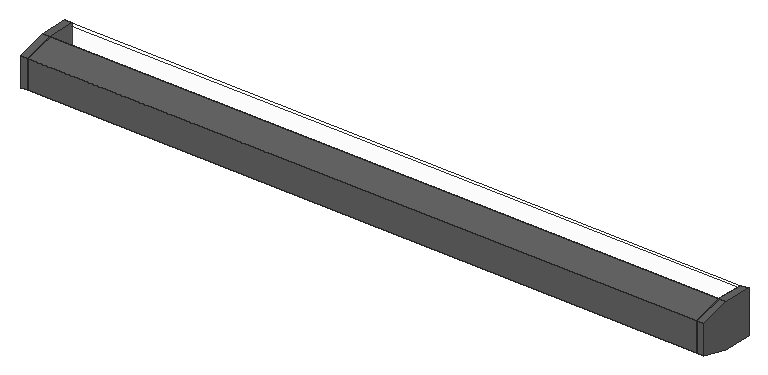
Revit family "67L-W-SQ", category Lighting Fixtures, host Wall, Revit 2021
Family settings
  Host = Wall
  Round Connector Dimension = Use Diameter
  Part Type = Normal
  OmniClass Number = 23.80.70.11.14.17
  OmniClass Title = Direct/Indirect
  Always vertical = Yes
  Cut with Voids When Loaded = No
  Light Source = Yes
  Shared = Yes
  Room Calculation Point = No
Parameters (values of type "Note 67L-Carbon Black")
  Width = 48.00"
  Watts = 4.5 W
  Wattage Comments = "550 to 1800 lumens/ft"  # constant formula
  Wattage = 4.5 W
  built-in parameter 1150110 = 1 (stored number, unit not read)
  Voltage = 120 V
  URL = "https://www.currentlighting.com/litecontrol"
  Type Comments = "Lighting Fixture"  # constant formula
  built-in parameter 1114217 = 1 (stored number, unit not read)
  Tilt Angle = 0.00°
  built-in parameter 1150109 = 1 (stored number, unit not read)
  built-in parameter 1150134 = (empty or 0)
  built-in parameter 1150113 = 1 (stored number, unit not read)
  Photometric Web File = "67L-W-D-4-4-DM-C1-35K-D055.IES"
  Photometric Notes = "Photometric Web files Download in below link"  # constant formula
  Glass = White Glass
  Product Page URL = ""
  Product Documentation Link = ""
  Power Factor = 1
  Model = "67L-W-Square"  # constant formula
  Manufacturer = "Litecontrol"  # constant formula
  built-in parameter 1150105 = 43.33 (stored number, unit not read)
  Lumens = 544.5 lm
  built-in parameter 1150115 = 1 (stored number, unit not read)
  Load Classification = Lighting
  built-in parameter 1150137 = (empty or 0)
  built-in parameter 1150139 = (empty or 0)
  built-in parameter 1150112 = 1 (stored number, unit not read)
  built-in parameter 1150114 = 1 (stored number, unit not read)
  Lamp = "LED"  # constant formula
  built-in parameter 1150132 = (empty or 0)
  built-in parameter 1150102 = (empty or 0)
  built-in parameter 1150107 = 3500 (stored number, unit not read)
  built-in parameter 1150138 = (empty or 0)
  built-in parameter 1150106 = 0.4333 (stored number, unit not read)
  Emit from Rectangle Width = Width - 1.00"  # 47.00"
  Emit from Rectangle Length = 3.00"  # constant formula
  Emit Shape Visible in Rendering = no
  built-in parameter 1150104 = 11.241 (stored number, unit not read)
  Dimming Lamp Color Temperature Shift = <None>
  Description = "The NOTE 67L Wall Mount brings direct illumination, ADA compliance, performance and versatility, all within a slim profile and a fresh, contemporary style"  # constant formula
  Default Elevation = 0.00"
  Contact Us = ""
  Color Filter = 16777215
  Housing Material = Paint -  Carbon Black
  built-in parameter 1114218 = 1 (stored number, unit not read)
  built-in parameter 1150133 = 10 (stored number, unit not read)
  Assembly Code = "D5020210"
  Apparent Load = Watts / Power Factor  # 4.5 VA
Types (6): name | Housing Material
  Note 67L-Carbon Black | Paint -  Carbon Black
  Note 67L-Textured Matte White | Paint -  Textured Matte White
  Note 67L-Light Silver | Paint -  Light Silver
  Note 67L-Machined Aluminum | Paint -  Machined Aluminum
  Note 67L-Textured Camera Black | Paint -  Textured Camera Black
  Note 67L-Matte White | Paint -  Textured Matte White
Reference planes (in)
  plane 1 "Wall": y = 0
  plane 2 "Center (Left/Right)": x = 4.92126
  plane 3 "Back": y = 2.95276
  plane 4: y = 5.95276
  plane 5: z = 81.34304
Text (in)
  text "Placement Side" at (-36.97918, 19.73443, 0), in view "Ref. Level"
  text "Placement side" at (0, 27.32912, 79.68064), in view "Left"
  text "Placement side" at (0, 10.24977, 82.91007), in view "Right"
Dimensions and locks (in)
  locked: plane 3 "Back" to host wall
  locked: plane 3 "Back" to plane 4 at 3
  aligned and locked: plane 1 "Wall" to host wall
  aligned and locked: nested 1 to plane 2 "Center (Left/Right)"
  aligned and locked: nested 1 to plane 5
Nested families (in)
  nested 1: "Square" at (2.87359, 2.95276, 81.30305) x (-1, 0, 0) z (0, 1, 0), Glass <- "Glass", Backbox <- "Housing Material", Row Length <- "Width", type "Square"
    with Row Length 48.00", Glass White Glass, Backbox Paint -  Carbon Black
Connectors (in)
  electrical at (4.92126, 2.95276, 81.34499), driven by "Load Classification", driven by "Voltage", driven by "Apparent Load", driven by "Power Factor"
    settings: on nested 1, index 1, voltage 120 V, apparent load 4.5 VA, apparent load phase1 0 VA, apparent load phase2 0 VA, apparent load phase3 0 VA, power factor 1, load classification "Lighting", number of poles 1, system type 30, power factor state 1, is connector primary yes, connector utility no, sub classification motor no, connector description "LightingConnector"
Definition of nested family "Square"
  Parameters
    Wattage Comments = ""
    URL = ""
    Row Length [instance] = 24.00"
    Product Page URL = ""
    Product Documentation Link = ""
    Model = ""
    Manufacturer Phone = ""
    Manufacturer Fax = ""
    Manufacturer = ""
    Lamp = ""
    Glass [instance] = none
    Description = ""
    Default Elevation = 48.00"
    Backbox [instance] = none
  Reference planes (in)
    plane 1 "Center (Front/Back)": y = 0.03999
    plane 2: z = 0
    plane 3 "Center (Left/Right)": x = -2.04767
    plane 4: x = -14.04767
    plane 5: x = 9.95233
    plane 6: x = -13.54767
    plane 7: x = 9.45233
    plane 8: z = 3.9375
    plane 9: y = -1.46001
    plane 10: y = 1.53999
    plane 11: y = 1.03999
    plane 12: y = -0.96001
    plane 13: z = 1.98438
  Forms (in)
    Extrusion 1, solid
      sketch origin (0, 0, 0.06357) x (1, 0, 0) y (0, 1, 0)
        loop
          line (-48, 48) -> (-48, -48) -> (48, -48) -> (48, 48) -> (-48, 48)
      from -0.06357 to -6.47428
    Extrusion 2, solid, material <- "Backbox"
      sketch origin (-2.04767, 0, 0) x (0, 1, 0) y (0, 0, 1)
        loop
          line (-0.96001, 0) -> (1.0439, 0) -> (1.53999, 1.98437) -> (1.53999, 3.9375) -> (-1.4561, 3.9375) -> (-1.4561, 1.98437) -> (-0.96001, 0)
      from 11.5 to 12
    Extrusion 3, solid, material <- "Backbox"
      sketch origin (-2.04767, 0, 0) x (0, 1, 0) y (0, 0, 1)
        loop
          line (-0.96001, 0) -> (1.0439, 0) -> (1.53999, 1.98437) -> (1.53999, 3.9375) -> (-1.46001, 3.9375) -> (-1.46001, 2) -> (-0.96001, 0)
      from -11.5 to -12
    Extrusion 4, solid, material <- "Glass"
      sketch origin (-2.04767, 0, 0) x (0, 1, 0) y (0, 0, 1)
        loop
          line (1.53999, 3.9375) -> (-1.46001, 3.9375) -> (-1.46001, 1.98438) -> (-1.33501, 1.98438) -> (-1.33501, 3.8125) -> (1.41499, 3.8125) -> (1.41499, 1.98438) -> (1.53999, 1.98438) -> (1.53999, 3.9375)
      from -11.5 to 11.5
    Extrusion 5, solid, material <- "Backbox"
      sketch origin (-2.04767, 0, 0) x (0, 1, 0) y (0, 0, 1)
        loop
          line (-0.96001, 0) -> (1.0439, 0) -> (1.53999, 1.98437) -> (-1.4561, 1.98437) -> (-0.96001, 0)
      from -11.5 to 11.5
  Dimensions and locks (in)
    equal spacing: plane 5, plane 3 "Center (Left/Right)", plane 4
    plane 6 to plane 4 = 0.50"
    "Row Length": plane 5 to plane 4
    equal spacing: plane 7, plane 3 "Center (Left/Right)", plane 6
    plane 8 to Extrusion 1 = 3.9375"
    locked: plane 1 "Center (Front/Back)" to plane 9 at 1.5
    locked: plane 13 to Extrusion 1 at 1.98438
    locked: plane 10 to plane 9 at 3
    locked: plane 11 to plane 12 at 2
    aligned and locked: plane 2 to Extrusion 1
    aligned and locked: level to Extrusion 1
    aligned and locked: plane 5 to Extrusion 2
    aligned and locked: Extrusion 2 to plane 7
    aligned and locked: plane 7 to Extrusion 5
    aligned and locked: Extrusion 5 to plane 6
    aligned and locked: Extrusion 3 to plane 4
    aligned and locked: plane 6 to Extrusion 3
    aligned and locked: Extrusion 5 sketch curve to level
    aligned and locked: Extrusion 5 to Extrusion 3 sketch curve
    aligned and locked: Extrusion 2 sketch curve to Extrusion 3  (x3)
    aligned and locked: Extrusion 4 to plane 6
    aligned and locked: plane 7 to Extrusion 4
    aligned and locked: Extrusion 3 to Extrusion 2 sketch curve
    aligned and locked: plane 13 to Extrusion 5
    aligned and locked: Extrusion 3 sketch curve to plane 10
    aligned and locked: Extrusion 3 sketch curve to plane 8
    aligned and locked: Extrusion 3 sketch curve to plane 9
    aligned and locked: Extrusion 2 sketch curve to Extrusion 5
    aligned and locked: Extrusion 2 sketch curve to plane 10
    aligned and locked: Extrusion 4 sketch curve to plane 10
    aligned and locked: Extrusion 4 sketch curve to plane 8
    aligned and locked: Extrusion 4 sketch curve to plane 9
    aligned and locked: Extrusion 4 sketch curve to plane 13
  Automatic sketch dimensions
    Extrusion 1 sketch curve to Extrusion 1 sketch curve = 96.00"  (x2)
    Extrusion 5 sketch curve to plane 12 = 0.00"
    Extrusion 5 sketch curve to plane 10 = 0.00"
    Extrusion 5 sketch curve to plane 9 = 0.00391"
    plane 11 to Extrusion 5 sketch curve = 0.00391"
    Extrusion 5 sketch curve to plane 8 = 1.95312"
    Extrusion 3 sketch curve to plane 12 = 0.00"
    Extrusion 3 sketch curve to plane 13 = 0.00"
    plane 11 to Extrusion 3 sketch curve = 0.00391"
    plane 13 to Extrusion 3 sketch curve = 0.01562"
    Extrusion 4 sketch curve to plane 10 = 0.125"
    Extrusion 4 sketch curve to plane 8 = 0.125"
    Extrusion 4 sketch curve to plane 13 = 0.00"
    Extrusion 4 sketch curve to Extrusion 4 sketch curve = 0.125"
